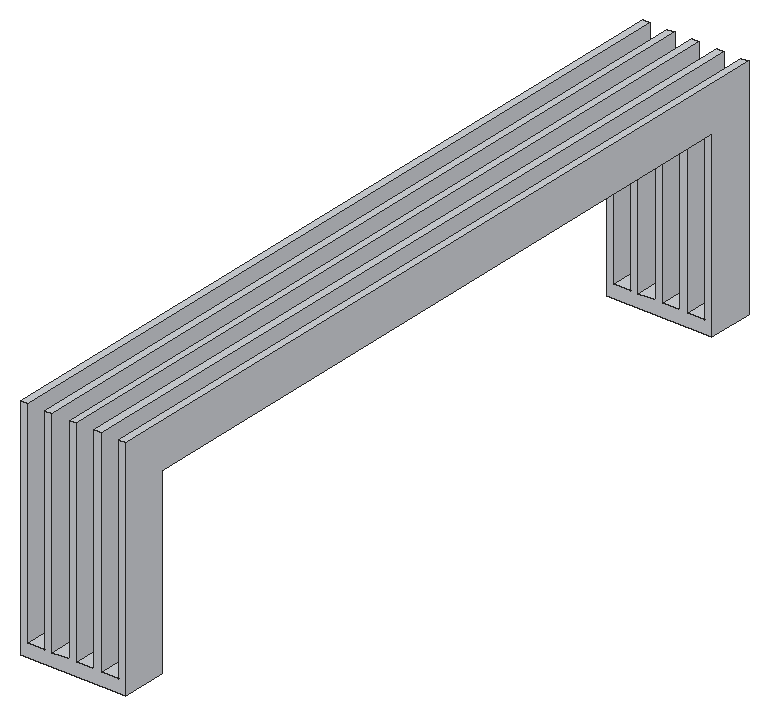
Revit family "LL05_R2016", category Generic Models, Revit 2016
Family settings
  Part Type = Normal
  Can host rebar = No
  Round Connector Dimension = Use Diameter
  OmniClass Number = 23.45.00.00
  OmniClass Title = Sanitary, Laundry, and Cleaning Equipment
  Work Plane-Based = No
  Always vertical = Yes
  Cut with Voids When Loaded = No
  Shared = No
  Room Calculation Point = No
Parameters
  Tube Length [instance] = 990 mm
  Length [instance] = 1200 mm
  Height = 350 mm
Reference planes
  plane 1: z = 0
  plane 2: z = 350
  plane 3: y = -26.341
  plane 4: y = -626.341
  plane 5: y = 573.659
Forms (mm)
  Extrusion 1, solid, not visible
    sketch origin (0, 0, 0) x (1, 0, 0) y (0, 1, 0)
      loop
        line (-495, -20) -> (-495, -31) -> (495, -31) -> (495, -20) -> (-495, -20)
    from 300 to 370
  Extrusion 2, solid, not visible
    sketch origin (0, 0, 0) x (1, 0, 0) y (0, 1, 0)
      loop
        line (-495, -20) -> (-495, -31) -> (495, -31) -> (495, -20) -> (-495, -20)
    from 300 to 370
  Extrusion 3, solid, not visible
    sketch origin (0, -24, 0) x (1, 0, 0) y (0, 1, 0)
      loop
        line (-495, -20) -> (-495, -31) -> (495, -31) -> (495, -20) -> (-495, -20)
    from 300 to 370
  Extrusion 4, solid, not visible
    sketch origin (0, -48, 0) x (1, 0, 0) y (0, 1, 0)
      loop
        line (-495, -20) -> (-495, -31) -> (495, -31) -> (495, -20) -> (-495, -20)
    from 300 to 370
  Extrusion 5, solid, not visible
    sketch origin (0, -72, 0) x (1, 0, 0) y (0, 1, 0)
      loop
        line (-495, -20) -> (-495, -31) -> (495, -31) -> (495, -20) -> (-495, -20)
    from 300 to 370
  Extrusion 6, solid, not visible
    sketch origin (0, -96, 0) x (1, 0, 0) y (0, 1, 0)
      loop
        line (-495, -20) -> (-495, -31) -> (495, -31) -> (495, -20) -> (-495, -20)
    from 300 to 370
  Extrusion 7, solid, not visible
    sketch origin (0, -120, 0) x (1, 0, 0) y (0, 1, 0)
      loop
        line (-495, -20) -> (-495, -31) -> (495, -31) -> (495, -20) -> (-495, -20)
    from 300 to 370
  Extrusion 8, solid, not visible
    sketch origin (0, -144, 0) x (1, 0, 0) y (0, 1, 0)
      loop
        line (-495, -20) -> (-495, -31) -> (495, -31) -> (495, -20) -> (-495, -20)
    from 300 to 370
  Extrusion 9, solid, not visible
    sketch origin (0, -168, 0) x (1, 0, 0) y (0, 1, 0)
      loop
        line (-495, -20) -> (-495, -31) -> (495, -31) -> (495, -20) -> (-495, -20)
    from 300 to 370
  Extrusion 10, solid, not visible
    sketch origin (0, -192, 0) x (1, 0, 0) y (0, 1, 0)
      loop
        line (-495, -20) -> (-495, -31) -> (495, -31) -> (495, -20) -> (-495, -20)
    from 300 to 370
  Extrusion 11, solid, not visible
    sketch origin (0, -216, 0) x (1, 0, 0) y (0, 1, 0)
      loop
        line (-495, -20) -> (-495, -31) -> (495, -31) -> (495, -20) -> (-495, -20)
    from 300 to 370
  Extrusion 12, solid, not visible
    sketch origin (0, -240, 0) x (1, 0, 0) y (0, 1, 0)
      loop
        line (-495, -20) -> (-495, -31) -> (495, -31) -> (495, -20) -> (-495, -20)
    from 300 to 370
  Extrusion 13, solid, not visible
    sketch origin (0, -264, 0) x (1, 0, 0) y (0, 1, 0)
      loop
        line (-495, -20) -> (-495, -31) -> (495, -31) -> (495, -20) -> (-495, -20)
    from 300 to 370
  Extrusion 14, solid, not visible
    sketch origin (0, -288, 0) x (1, 0, 0) y (0, 1, 0)
      loop
        line (-495, -20) -> (-495, -31) -> (495, -31) -> (495, -20) -> (-495, -20)
    from 300 to 370
  Extrusion 15, solid, not visible
    sketch origin (0, -312, 0) x (1, 0, 0) y (0, 1, 0)
      loop
        line (-495, -20) -> (-495, -31) -> (495, -31) -> (495, -20) -> (-495, -20)
    from 300 to 370
  Extrusion 16, solid
    sketch origin (0, 0, 0) x (0, 1, 0) y (0, 0, 1)
      loop
        line (573.659, 0) -> (573.659, 350) -> (-626.341, 350) -> (-626.341, 0) -> (-556.341, 0) -> (-556.341, 280) -> (503.659, 280) -> (503.659, 0) -> (573.659, 0)
    from 0 to 11
  Extrusion 17, solid
    sketch origin (38, 0, 0) x (0, 1, 0) y (0, 0, 1)
      loop
        line (573.659, 0) -> (573.659, 350) -> (-626.341, 350) -> (-626.341, 0) -> (-556.341, 0) -> (-556.341, 280) -> (503.659, 280) -> (503.659, 0) -> (573.659, 0)
    from 0 to 11
  Extrusion 18, solid
    sketch origin (76, 0, 0) x (0, 1, 0) y (0, 0, 1)
      loop
        line (573.659, 0) -> (573.659, 350) -> (-626.341, 350) -> (-626.341, 0) -> (-556.341, 0) -> (-556.341, 280) -> (503.659, 280) -> (503.659, 0) -> (573.659, 0)
    from 0 to 11
  Extrusion 19, solid
    sketch origin (114, 0, 0) x (0, 1, 0) y (0, 0, 1)
      loop
        line (573.659, 0) -> (573.659, 350) -> (-626.341, 350) -> (-626.341, 0) -> (-556.341, 0) -> (-556.341, 280) -> (503.659, 280) -> (503.659, 0) -> (573.659, 0)
    from 0 to 11
  Extrusion 20, solid
    sketch origin (152, 0, 0) x (0, 1, 0) y (0, 0, 1)
      loop
        line (573.659, 0) -> (573.659, 350) -> (-626.341, 350) -> (-626.341, 0) -> (-556.341, 0) -> (-556.341, 280) -> (503.659, 280) -> (503.659, 0) -> (573.659, 0)
    from 0 to 11
  Extrusion 21, solid
    sketch origin (0, 0, 0) x (1, 0, 0) y (0, 1, 0)
      loop
        line (0, -626.341) -> (163, -626.341) -> (163, -556.341) -> (0, -556.341) -> (0, -626.341)
      loop
        line (0, 503.659) -> (163, 503.659) -> (163, 573.659) -> (0, 573.659) -> (0, 503.659)
    from 0 to 20
Cuts and joins
  joined: Extrusion 16, Extrusion 17, Extrusion 18, Extrusion 19, Extrusion 20, Extrusion 21
Lines and regions (mm)
  reference lines
    curve 1: line (0, 665.378, 280) -> (0, -754.622, 280)
    curve 2: line (0, 503.659, 411.424) -> (0, 503.659, -138.576)
    curve 3: line (0, -556.341, 388.061) -> (0, -556.341, -81.939)
Dimensions and locks
  locked: Extrusion 1 sketch curve to Extrusion 1 sketch curve at 11
  locked: Extrusion 2 sketch curve to Extrusion 2 sketch curve at 11
  locked: Extrusion 3 sketch curve to Extrusion 3 sketch curve at 11
  equal spacing: group 2, group 3, group 4, group 5, group 6, group 7, group 8, group 9, group 10, group 11, group 12, group 13, group 14, group 15  (x2)
  equal spacing: group 15, group 14, group 13, group 12, group 11, group 10, group 9, group 8, group 7, group 6, group 5, group 4, group 3, group 2
  locked: Extrusion 4 sketch curve to Extrusion 4 sketch curve at 11
  locked: Extrusion 5 sketch curve to Extrusion 5 sketch curve at 11
  locked: Extrusion 6 sketch curve to Extrusion 6 sketch curve at 11
  locked: Extrusion 7 sketch curve to Extrusion 7 sketch curve at 11
  locked: Extrusion 8 sketch curve to Extrusion 8 sketch curve at 11
  locked: Extrusion 9 sketch curve to Extrusion 9 sketch curve at 11
  locked: Extrusion 10 sketch curve to Extrusion 10 sketch curve at 11
  locked: Extrusion 11 sketch curve to Extrusion 11 sketch curve at 11
  locked: Extrusion 12 sketch curve to Extrusion 12 sketch curve at 11
  locked: Extrusion 13 sketch curve to Extrusion 13 sketch curve at 11
  locked: Extrusion 14 sketch curve to Extrusion 14 sketch curve at 11
  locked: Extrusion 15 sketch curve to Extrusion 15 sketch curve at 11
  "Height": plane 2 to level
  equal spacing: plane 5, plane 3, plane 4
  "Length": plane 5 to plane 4
  locked: plane 2 to curve 1 at 70
  locked: curve 3 to plane 4 at 70
  locked: plane 5 to curve 2 at 70
  aligned and locked: level to plane 1
  aligned and locked: Extrusion 16 sketch curve to plane 2
  aligned and locked: Extrusion 16 sketch curve to plane 4
  aligned and locked: level to Extrusion 16 sketch curve  (x2)
  aligned and locked: Extrusion 16 sketch curve to curve 3
  aligned and locked: Extrusion 16 sketch curve to curve 1
  aligned and locked: curve 2 to Extrusion 16 sketch curve
  aligned and locked: Extrusion 16 sketch curve to plane 5
  aligned and locked: Extrusion 21 sketch curve to Extrusion 16  (x6)
Automatic sketch dimensions
  Extrusion 1 sketch curve to Extrusion 1 sketch curve = 990 mm
  Extrusion 2 sketch curve to Extrusion 2 sketch curve = 990 mm
  Extrusion 3 sketch curve to Extrusion 3 sketch curve = 990 mm
  Extrusion 4 sketch curve to Extrusion 4 sketch curve = 990 mm
  Extrusion 5 sketch curve to Extrusion 5 sketch curve = 990 mm
  Extrusion 6 sketch curve to Extrusion 6 sketch curve = 990 mm
  Extrusion 7 sketch curve to Extrusion 7 sketch curve = 990 mm
  Extrusion 8 sketch curve to Extrusion 8 sketch curve = 990 mm
  Extrusion 9 sketch curve to Extrusion 9 sketch curve = 990 mm
  Extrusion 10 sketch curve to Extrusion 10 sketch curve = 990 mm
  Extrusion 11 sketch curve to Extrusion 11 sketch curve = 990 mm
  Extrusion 12 sketch curve to Extrusion 12 sketch curve = 990 mm
  Extrusion 13 sketch curve to Extrusion 13 sketch curve = 990 mm
  Extrusion 14 sketch curve to Extrusion 14 sketch curve = 990 mm
  Extrusion 15 sketch curve to Extrusion 15 sketch curve = 990 mm
  plane 4 to curve 1 = 128.281 mm
  curve 1 to plane 5 = 91.719 mm
  curve 3 to level = 81.939 mm
  curve 2 to level = 138.576 mm
  plane 2 to curve 3 = 38.061 mm
  plane 2 to curve 2 = 61.424 mm
  Extrusion 17 sketch curve to level = 0 mm  (x2)
  Extrusion 17 sketch curve to plane 4 = 0 mm
  Extrusion 17 sketch curve to plane 2 = 0 mm
  Extrusion 17 sketch curve to plane 5 = 0 mm
  Extrusion 17 sketch curve to plane 4 = 70 mm
  Extrusion 17 sketch curve to Extrusion 17 sketch curve = 70 mm
  Extrusion 17 sketch curve to plane 2 = 70 mm
  Extrusion 18 sketch curve to level = 0 mm  (x2)
  Extrusion 18 sketch curve to plane 4 = 0 mm
  Extrusion 18 sketch curve to plane 2 = 0 mm
  Extrusion 18 sketch curve to plane 5 = 0 mm
  Extrusion 18 sketch curve to plane 4 = 70 mm
  Extrusion 18 sketch curve to Extrusion 18 sketch curve = 70 mm
  Extrusion 18 sketch curve to plane 2 = 70 mm
  Extrusion 19 sketch curve to level = 0 mm  (x2)
  Extrusion 19 sketch curve to plane 4 = 0 mm
  Extrusion 19 sketch curve to plane 2 = 0 mm
  Extrusion 19 sketch curve to plane 5 = 0 mm
  Extrusion 19 sketch curve to plane 4 = 70 mm
  Extrusion 19 sketch curve to Extrusion 19 sketch curve = 70 mm
  Extrusion 19 sketch curve to plane 2 = 70 mm
  Extrusion 20 sketch curve to level = 0 mm  (x2)
  Extrusion 20 sketch curve to plane 4 = 0 mm
  Extrusion 20 sketch curve to plane 2 = 0 mm
  Extrusion 20 sketch curve to plane 5 = 0 mm
  Extrusion 20 sketch curve to plane 4 = 70 mm
  Extrusion 20 sketch curve to Extrusion 20 sketch curve = 70 mm
  Extrusion 20 sketch curve to plane 2 = 70 mm
  Extrusion 21 sketch curve to Extrusion 21 sketch curve = 163 mm  (x2)
